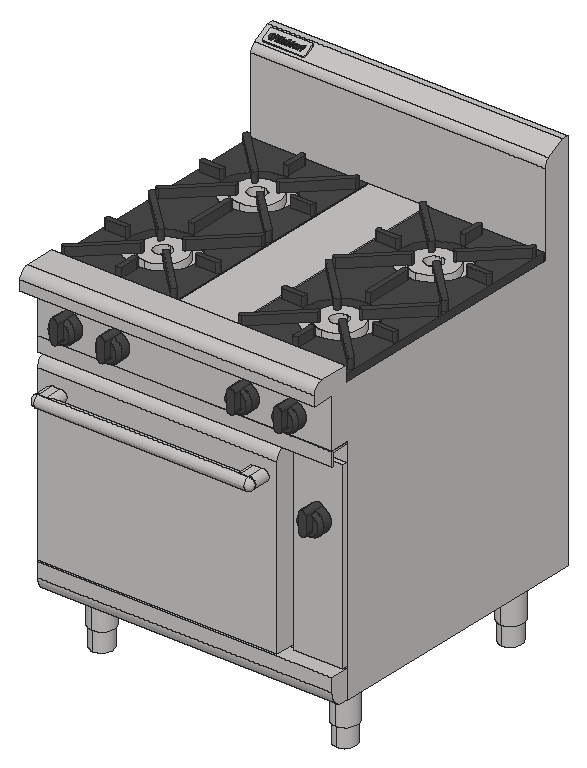
Revit family "QF_MOFFAT WALDORF_RN8510GC", category Specialty Equipment, Revit 2012 (continued)
Definition of nested family "WALDORF LOGO"
  Forms (mm)
    Extrusion 2, solid, material "QF_Finishes_Black", visible <- "Show Logo"
      sketch origin (0, -15.961, 9.072) x (1, 0, 0) y (0, 0.863373, 0.504566)
        loop
          spline (74.623, 17.856) -> (74.355, 17.766) -> (74.105, 17.503) -> (73.891, 17.084) -> (73.726, 16.539) -> (73.623, 15.904) -> (73.588, 15.223) -> (73.623, 14.541) -> (73.726, 13.906) -> (73.891, 13.361) -> (74.105, 12.942) -> (74.355, 12.679) -> (74.623, 12.59)
          spline (74.623, 12.59) -> (74.891, 12.679) -> (75.141, 12.942) -> (75.355, 13.361) -> (75.52, 13.906) -> (75.623, 14.541) -> (75.659, 15.223) -> (75.623, 15.904) -> (75.52, 16.539) -> (75.355, 17.084) -> (75.141, 17.503) -> (74.891, 17.766) -> (74.623, 17.856)
        loop
          line (81.255, 19.813) -> (81.255, 10.301) -> (84.834, 10.301) -> (84.834, 14.176)
          arc (84.834, 14.176) -> (85.854, 16.093) -> (88.013, 16.32) r 2.313
          line (88.013, 16.32) -> (88.013, 19.813) -> (87.161, 19.813)
          arc (87.161, 19.813) -> (85.526, 19.266) -> (84.549, 17.844) r 2.717
          line (84.549, 17.844) -> (84.549, 19.813) -> (81.255, 19.813)
        loop
          line (90.249, 19.813) -> (88.91, 19.813) -> (88.91, 17.614) -> (90.249, 17.614) -> (90.249, 10.301) -> (93.998, 10.301) -> (93.998, 17.614) -> (95.418, 17.614) -> (95.418, 19.813) -> (93.998, 19.813)
          arc (93.998, 19.813) -> (94.414, 20.817) -> (95.418, 21.233) r 1.42
          line (95.418, 21.233) -> (95.418, 23.602) -> (93.317, 23.602)
          arc (93.317, 23.602) -> (91.343, 22.903) -> (90.249, 21.118) r 3.137
          line (90.249, 21.118) -> (90.249, 19.813)
        loop
          arc (15.241, 23.571) -> (8.392, 16.525) -> (15.241, 9.479) r 7.049
          line (15.241, 9.479) -> (15.241, 23.571)
        loop
          line (15.641, 23.571) -> (15.641, 9.479)
          arc (15.641, 9.479) -> (22.49, 16.525) -> (15.641, 23.571) r 7.049
        loop
          arc (47.922, 14.711) -> (46.266, 13.749) -> (47.922, 12.787) r 1.107
          line (47.922, 12.787) -> (47.922, 14.711)
      from 0 to 0.2
  Dimensions and locks
    equal spacing: plane 3 "LEFT", plane 7 "Center Y", plane 4 "RIGHT"
    plane 3 "LEFT" to plane 4 "RIGHT" = 109 mm
    equal spacing: plane 5 "FRONT", plane 8 "Center X", plane 1 "BACK"
    plane 5 "FRONT" to plane 1 "BACK" = 1.588 mm
    aligned and locked: level to plane 2
  Automatic sketch dimensions
    Extrusion 1 sketch curve to plane 3 "LEFT" = 0 mm
    Extrusion 1 sketch curve to plane 4 "RIGHT" = 0 mm
    plane 3 "LEFT" to Extrusion 1 sketch curve = 5 mm  (x2)
    plane 4 "RIGHT" to Extrusion 1 sketch curve = 5 mm  (x2)
    Extrusion 1 sketch curve to Extrusion 1 sketch curve = 24.14 mm
    Extrusion 2 sketch curve to Extrusion 2 sketch curve = 0 mm  (x14)
    Extrusion 2 sketch curve to Extrusion 1 = 15.241 mm
    Extrusion 2 sketch curve to Extrusion 2 sketch curve = 0.2 mm
    Extrusion 2 sketch curve to Extrusion 2 sketch curve = 0.4 mm
    Extrusion 2 sketch curve to Extrusion 2 sketch curve = 9.131 mm
    Extrusion 2 sketch curve to Extrusion 1 = 10.301 mm  (x2)
    Extrusion 2 sketch curve to Extrusion 2 sketch curve = 12.351 mm
    Extrusion 2 sketch curve to Extrusion 2 sketch curve = 3.628 mm
    Extrusion 2 sketch curve to Extrusion 2 sketch curve = 2.084 mm
    Extrusion 2 sketch curve to Extrusion 2 sketch curve = 3.559 mm
    Extrusion 2 sketch curve to Extrusion 1 = 10.926 mm  (x2)
    Extrusion 2 sketch curve to Extrusion 2 sketch curve = 3.352 mm  (x2)
    Extrusion 2 sketch curve to Extrusion 2 sketch curve = 3.367 mm
    Extrusion 2 sketch curve to Extrusion 2 sketch curve = 3.249 mm
    Extrusion 2 sketch curve to Extrusion 2 sketch curve = 3.654 mm
    Extrusion 2 sketch curve to Extrusion 1 = 15.33 mm
    Extrusion 2 sketch curve to Extrusion 2 sketch curve = 3.233 mm
    Extrusion 2 sketch curve to Extrusion 2 sketch curve = 4.128 mm
    Extrusion 2 sketch curve to Extrusion 2 sketch curve = 3.725 mm
    Extrusion 2 sketch curve to Extrusion 2 sketch curve = 5.596 mm
    Extrusion 2 sketch curve to Extrusion 2 sketch curve = 4.333 mm
    Extrusion 2 sketch curve to Extrusion 2 sketch curve = 1.394 mm
    Extrusion 2 sketch curve to Extrusion 2 sketch curve = 2.092 mm
    Extrusion 2 sketch curve to Extrusion 2 sketch curve = 0.936 mm
    Extrusion 2 sketch curve to Extrusion 2 sketch curve = 1.34 mm
    Extrusion 2 sketch curve to Extrusion 2 sketch curve = 1.109 mm
    Extrusion 2 sketch curve to Extrusion 2 sketch curve = 0.232 mm
    Extrusion 2 sketch curve to Extrusion 2 sketch curve = 2.731 mm
    Extrusion 2 sketch curve to Extrusion 2 sketch curve = 0.549 mm  (x2)
    Extrusion 2 sketch curve to Extrusion 2 sketch curve = 0.407 mm
    Extrusion 2 sketch curve to Extrusion 2 sketch curve = 0.76 mm
    Extrusion 2 sketch curve to Extrusion 2 sketch curve = 1.334 mm
    Extrusion 2 sketch curve to Extrusion 2 sketch curve = 4.219 mm
    Extrusion 2 sketch curve to Extrusion 2 sketch curve = 5.142 mm
    Extrusion 2 sketch curve to Extrusion 2 sketch curve = 0.803 mm
    Extrusion 2 sketch curve to Extrusion 2 sketch curve = 1.558 mm
    Extrusion 2 sketch curve to Extrusion 2 sketch curve = 3.504 mm
    Extrusion 2 sketch curve to Extrusion 2 sketch curve = 6.245 mm
    Extrusion 2 sketch curve to Extrusion 2 sketch curve = 6.632 mm
    Extrusion 2 sketch curve to Extrusion 2 sketch curve = 3.294 mm
    Extrusion 2 sketch curve to Extrusion 2 sketch curve = 3.579 mm
    Extrusion 2 sketch curve to Extrusion 2 sketch curve = 2.313 mm
    Extrusion 2 sketch curve to Extrusion 2 sketch curve = 2.612 mm
    Extrusion 2 sketch curve to Extrusion 2 sketch curve = 0.852 mm
    Extrusion 2 sketch curve to Extrusion 2 sketch curve = 0.897 mm
    Extrusion 2 sketch curve to Extrusion 2 sketch curve = 3.102 mm
    Extrusion 2 sketch curve to Extrusion 2 sketch curve = 1.338 mm
    Extrusion 2 sketch curve to Extrusion 2 sketch curve = 3.068 mm
    Extrusion 2 sketch curve to Extrusion 2 sketch curve = 0.681 mm
    Extrusion 2 sketch curve to Extrusion 2 sketch curve = 3.749 mm
    Extrusion 2 sketch curve to Extrusion 2 sketch curve = 1.42 mm
    Extrusion 2 sketch curve to Extrusion 2 sketch curve = 5.029 mm  (x2)
    Extrusion 2 sketch curve to Extrusion 1 = 9.479 mm
    Extrusion 2 sketch curve to Extrusion 2 sketch curve = 3.681 mm
    Extrusion 2 sketch curve to Extrusion 2 sketch curve = 0.515 mm
    Extrusion 2 sketch curve to Extrusion 2 sketch curve = 0.804 mm
    Extrusion 2 sketch curve to Extrusion 2 sketch curve = 1.062 mm
    Extrusion 2 sketch curve to Extrusion 2 sketch curve = 1.682 mm
    Extrusion 2 sketch curve to Extrusion 2 sketch curve = 2.508 mm
    Extrusion 2 sketch curve to Extrusion 2 sketch curve = 0.962 mm
    Extrusion 2 sketch curve to Extrusion 2 sketch curve = 2.528 mm
    Extrusion 2 sketch curve to Extrusion 2 sketch curve = 3.875 mm
    Extrusion 2 sketch curve to Extrusion 2 sketch curve = 1.096 mm
    Extrusion 2 sketch curve to Extrusion 2 sketch curve = 0.123 mm
    Extrusion 2 sketch curve to Extrusion 2 sketch curve = 4.922 mm
    Extrusion 2 sketch curve to Extrusion 2 sketch curve = 7.046 mm
    Extrusion 2 sketch curve to Extrusion 2 sketch curve = 0.833 mm
    Extrusion 2 sketch curve to Extrusion 2 sketch curve = 0.776 mm
    Extrusion 2 sketch curve to Extrusion 2 sketch curve = 2.034 mm
    Extrusion 2 sketch curve to Extrusion 2 sketch curve = 7.314 mm
    Extrusion 2 sketch curve to Extrusion 2 sketch curve = 1.295 mm
    Extrusion 2 sketch curve to Extrusion 2 sketch curve = 0.749 mm
    Extrusion 2 sketch curve to Extrusion 2 sketch curve = 2.633 mm
    Extrusion 2 sketch curve to Extrusion 2 sketch curve = 2.198 mm  (x2)
    Extrusion 2 sketch curve to Extrusion 2 sketch curve = 1.968 mm
    Extrusion 2 sketch curve to Extrusion 2 sketch curve = 0.653 mm
    Extrusion 2 sketch curve to Extrusion 2 sketch curve = 1.305 mm
    Extrusion 2 sketch curve to Extrusion 2 sketch curve = 4.357 mm
    Extrusion 2 sketch curve to Extrusion 2 sketch curve = 6.159 mm
    radius of Extrusion 2 sketch curve = 5 mm
Definition of nested family "RNL8400G-CB-CASTERS"
  Parameters (values of type "BTL8450-CB-CASTERS")
    Weight = ""
    URL Manufacturer = ""
    URL Cutsheet = ""
    URL = ""
    Type Mark [instance] = ""
    Status [instance] = ""
    Specification by User [instance] = ""
    Specification by Manufacturer = ""
    Show Casters [instance] = no
    Serial Number = ""
    Seismic Rating = ""
    SMACNA No = ""
    Revision Code [instance] = ""
    Omniclass Number and Title = ""
    NAFEM Spec ID Number = ""
    Model = ""
    MasterSpec. = ""
    Manufacturer = ""
    Item Number [instance] = ""
    Installed By [instance] = ""
    Identify Quantity as Lot [instance] = yes
    Furnished By [instance] = ""
    Foodservice Equipment Identifier [instance] = yes
    Description = ""
    CSI MasterFormat = ""
    CSI Master Format = ""
    Assembly Code = ""
  Reference planes
    plane 1: z = 0
    plane 2 "RIGHT": x = 0
    plane 3 "FRONT": y = 0
    plane 4 "TOP": z = 177.8
  Forms (mm)
    Revolve 1, solid, material "QF_Finishes_Stainless Steel", visible <- "Show Casters"
      sketch origin (0, 56.335, 0) x (0, 1, 0) y (0, 0, 1)
        loop
          line (-56.335, 152.4) -> (-56.335, 141.118) -> (-23.798, 141.118) -> (-23.798, 152.4) -> (-56.335, 152.4)
        axis (-56.335, 141.118) -> (-56.335, 152.4)
      angle from 0 to 360
    Extrusion 2, solid, material "QF_Finishes_Stainless Steel", visible <- "Show Casters"
      sketch origin (-46.049, 56.335, 0) x (0, 1, 0) y (0, 0, 1)
        loop
          line (-85.799, 141.118) -> (-85.799, 133.498) -> (-82.136, 133.498)
          arc (-82.136, 133.498) -> (-79.344, 132.328) -> (-77.146, 130.248) r 8.432
          line (-77.146, 130.248) -> (-39.502, 49.52)
          arc (-39.502, 49.52) -> (-13.784, 46.107) -> (-5.673, 70.75) r 20.32
          arc (-5.673, 70.75) -> (-7.065, 73.611) -> (-8.887, 76.22) r 20.32
          arc (-8.887, 76.22) -> (-9.399, 85.377) -> (-6.626, 94.119) r 25.4
          line (-6.626, 94.119) -> (8.003, 121.632)
          arc (8.003, 121.632) -> (-2.347, 126.31) -> (-13.34, 129.167) r 66.802
          line (-13.34, 129.167) -> (-13.765, 133.498) -> (-26.871, 133.498) -> (-26.871, 141.118) -> (-85.799, 141.118)
      from 20.058 to 22.923
    Extrusion 3, solid, material "QF_Finishes_Stainless Steel", visible <- "Show Casters"
      sketch origin (3.326, 56.335, 0) x (0, 1, 0) y (0, 0, 1)
        loop
          line (-85.799, 141.118) -> (-85.799, 133.498) -> (-82.136, 133.498)
          arc (-82.136, 133.498) -> (-79.344, 132.328) -> (-77.146, 130.248) r 8.432
          line (-77.146, 130.248) -> (-39.502, 49.52)
          arc (-39.502, 49.52) -> (-13.784, 46.107) -> (-5.673, 70.75) r 20.32
          arc (-5.673, 70.75) -> (-7.065, 73.611) -> (-8.887, 76.22) r 20.32
          arc (-8.887, 76.22) -> (-9.399, 85.377) -> (-6.626, 94.119) r 25.4
          line (-6.626, 94.119) -> (8.003, 121.632)
          arc (8.003, 121.632) -> (-2.347, 126.31) -> (-13.34, 129.167) r 66.802
          line (-13.34, 129.167) -> (-13.765, 133.498) -> (-26.871, 133.498) -> (-26.871, 141.118) -> (-85.799, 141.118)
      from 20.058 to 22.923
    Extrusion 4, solid, material "QF_Finishes_Stainless Steel", visible <- "Show Casters"
      sketch origin (-49.224, 56.335, 0) x (0, 1, 0) y (0, 0, 1)
        loop
          line (-85.799, 141.118) -> (-85.799, 133.498) -> (-82.136, 133.498) -> (-18.877, 127.964) -> (7.14, 120.01) -> (8.003, 121.632)
          arc (8.003, 121.632) -> (-2.347, 126.31) -> (-13.34, 129.167) r 66.802
          line (-13.34, 129.167) -> (-13.765, 133.498) -> (-26.871, 133.498) -> (-26.871, 141.118) -> (-85.799, 141.118)
      from 26.098 to 72.56
    Revolve 5, solid, material "QF_Finishes_Stainless Steel", visible <- "Show Casters"
      sketch origin (-49.224, 30.821, 0) x (1, 0, 0) y (0, 0, 1)
        loop
          line (14.841, 63.604) -> (83.584, 63.604) -> (83.584, 67.109) -> (82.314, 68.379) -> (80.79, 68.379) -> (80.79, 71.826) -> (68.644, 71.826) -> (68.644, 81.79) -> (65.088, 83.843) -> (61.683, 104.879) -> (65.881, 104.879) -> (65.881, 111.229) -> (65.088, 111.229) -> (65.088, 117.579)
          arc (65.088, 117.579) -> (62.298, 124.314) -> (55.563, 127.104) r 9.525
          line (55.563, 127.104) -> (42.863, 127.104)
          arc (42.863, 127.104) -> (36.127, 124.314) -> (33.338, 117.579) r 9.525
          line (33.338, 117.579) -> (33.338, 111.229) -> (32.544, 111.229) -> (32.544, 104.879) -> (36.742, 104.879) -> (33.352, 83.932) -> (29.782, 81.871) -> (29.782, 71.826) -> (17.635, 71.826) -> (17.635, 68.379) -> (16.111, 68.379) -> (14.841, 67.109) -> (14.841, 63.604)
        axis (14.841, 63.604) -> (83.584, 63.604)
      angle from 0 to 360
  Cuts and joins
    joined: Extrusion 2, Extrusion 3, Extrusion 4
  Lines and regions (mm)
    symbolic lines, style "SpecialityEquipmentHiddenLines", visible <- "Show Casters"
      curve 1: line (18.009, 67.053, 0) -> (45.595, 51.127, 0)
      curve 2: line (-45.491, -42.932, 0) -> (18.009, 67.053, 0)
      curve 3: line (-17.905, -58.859, 0) -> (-45.491, -42.932, 0)
      curve 4: line (45.595, 51.127, 0) -> (-17.905, -58.859, 0)
  Dimensions and locks
    plane 4 "TOP" to level = 177.8 mm  (x2)
    Revolve 5 sketch curve to Revolve 5 sketch curve = 63.5 mm
    aligned and locked: level to plane 1
